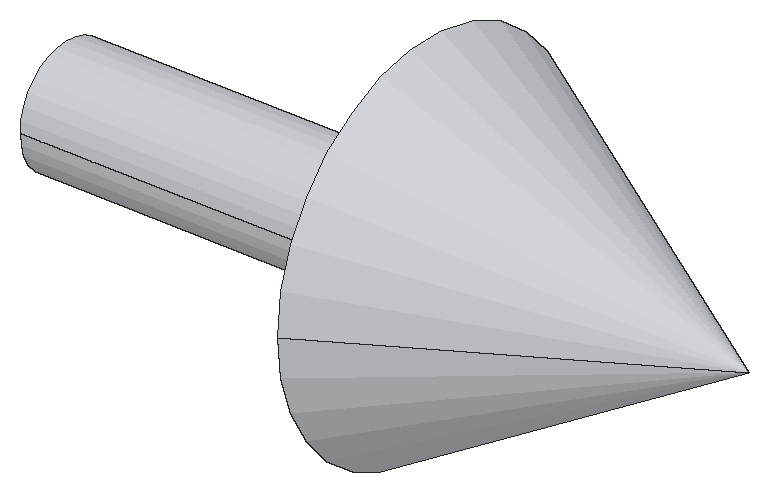
Revit family "Routing Corn Point2020", category 一般モデル, Revit 2020
Family settings
  鉄筋をホスト可能 = いいえ
  丸型コネクタ寸法 = 直径を使用
  パーツ タイプ = 標準
  作業面ベース = いいえ
  常に垂直 = はい
  ロード時にボイドで切り取り = いいえ
  共有 = いいえ
  部屋計算ポイント = いいえ
Parameters
  既定の高さ = 0 mm
  Arent-RoundDuct-MarkupDiameter [instance] = [Arent-RoundDuct-Diameter] + 20 mm  # 30.2 mm
  Arent-RoundDuct-Diameter [instance] = 10.2 mm
Reference planes
  plane 1 "中心(正面/背面)": y = 0
  plane 2: z = 0
  plane 3 "中心(左/右)": x = 0
  plane 4: y = 15.1
  plane 5: y = -15.1
  plane 6: y = 75.1
  plane 7: y = 65.1
  plane 8: y = 70.1
Forms (mm)
  Revolve 1, solid
    sketch origin (0, 111.1, 60) x (1, 0, 0) y (0, 1, 0)
      loop
        line (30.103, 0) -> (-30.103, 0) -> (-30.103, -5.1) -> (1.697, -5.1) -> (1.697, -16.4) -> (30.103, 0)
      axis (-30.103, 0) -> (30.103, 0)
    angle from 0 to 360
Dimensions and locks
  "Arent-RoundDuct-MarkupDiameter": plane 4 to plane 5
  equal spacing: plane 4, plane 1 "中心(正面/背面)", plane 5
  equal spacing: plane 6, plane 8, plane 7
  plane 7 to plane 4 = 50 mm
  plane 6 to plane 7 = 10 mm
  aligned and locked: level to plane 2
Automatic sketch dimensions
  Revolve 1 sketch curve to plane 1 "中心(正面/背面)" = 111.1 mm  (x2)
  Revolve 1 sketch curve to plane 1 "中心(正面/背面)" = 106 mm
  Revolve 1 sketch curve to plane 3 "中心(左/右)" = 30.103 mm
  plane 3 "中心(左/右)" to Revolve 1 sketch curve = 1.697 mm
  Revolve 1 sketch curve to Revolve 1 sketch curve = 28.406 mm
  Revolve 1 sketch curve to Revolve 1 sketch curve = 11.3 mm
  Revolve 1 sketch curve to Revolve 1 sketch curve = 0 mm  (x2)
